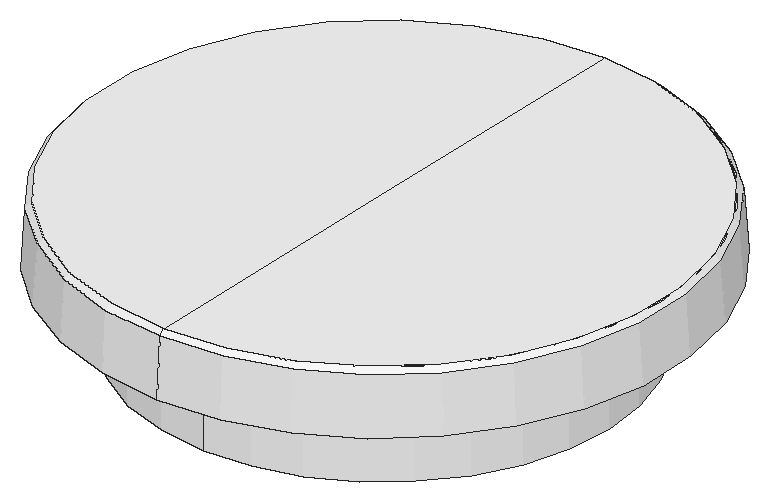
Revit family "CSensor-Lutron-Ceiling-QS_Series-QSM2-4W-C", category Lighting Devices, host Face, Revit 2021
Family settings
  Host = Face
  Maintain Annotation Orientation = Yes
  Round Connector Dimension = Use Diameter
  Part Type = Normal
  OmniClass Number = 23.85.80.11.27
  OmniClass Title = Lighting Controls
  Cut with Voids When Loaded = No
  Shared = No
  Room Calculation Point = No
Parameters (values of type "QSM2-4W-C")
  Width = 0' - 4 5/128"  # constant formula
  Warranty URL = "https://www.lutron.com/en-US/Service-Support/Pages/Service/Warranty/Warranty.aspx"
  Voltage Comments = "No line voltage connections are required because the QSM is powered by the QS Link."  # constant formula
  Voltage = 0 V  # constant formula
  Video Link = "https://www.youtube.com/user/LutronElectronicsInc"
  Version = "2021 - v1.0a"  # constant formula
  Support Phone = "(224) 699-9545"  # constant formula
  Support Email = "mailto: support@bimsmith.com"
  Sensor Type = "Occupancy/Vacancy"  # constant formula
  Sensor Area Visibility [instance] = yes
  Recommended Mounting Height [instance] = "QSM units should be mounted in the middle of non-metal ceiling tile or drywall, visible from inside the space. Installation near metal other than a junction box may reduce RF range."  # constant formula
  Product Page URL = "https://www.lutron.com/en-US/Products/Pages/Components/QSSensorModule/Overview.aspx"
  Product Name = "QS Sensor Module"  # constant formula
  Product Documentation Link = "https://assets.lutron.com/a/documents/369242_english.pdf"
  Performance URL = "https://www.lutron.com/en-US/Service-Support/Pages/Technical/PerfomanceSpecs.aspx"
  Minimum Operating Temperature = 32 °F  # constant formula
  Maximum Operating Temperature = 104 °F  # constant formula
  Manufacturer Phone Number = "610-282-3800"  # constant formula
  Manufacturer Fax Number = "610-282-1243"  # constant formula
  Manufacturer Email = "mailto:support@lutron.com"
  Manufacturer Address = "7200 Suter Rd, Coopersburg, PA 18036"  # constant formula
  URL = "http://www.lutron.com"
  Type Comments = ""
  Series = "QS Series"  # constant formula
  Sensor Material = Plastic - Lutron - White Gloss
  Model = "QSM2-4W-C"  # constant formula
  Manufacturer = "Lutron Electronics Co., Inc"  # constant formula
  Coverge Radius = 30' - 0"  # constant formula
  Coverage Range = "60 ft (18 m) line of sight - 30 ft (9 m) through walls"  # constant formula
  Length = 0' - 4 5/128"  # constant formula
  Keynote = "Division 11"
  Instruction Sheet Link = "https://assets.lutron.com/a/documents/041837.pdf"
  Finish = Plastic - Lutron - White Gloss
  Description = "Ceiling-mounted device that integrates Lutron wireless and wired sensors and controls through the QS communication link."  # constant formula
  Depth = 0' - 1 11/64"  # constant formula
  Default Elevation = 0' - 0"
  Coverage Area = "360˚ coverage ranges from 60 ft (18 m) line of sight to 30 ft (9 m) through walls"  # constant formula
  Coverage = 2827.00 SF  # constant formula
  Cost Info = "mailto:sales@lutron.com"
  Cost = 0
  Copyright = "© 2022 Lutron Electronics Co., Inc."  # constant formula
  C CP Right [instance] = 0' - 0"  # constant formula
  C CP Left [instance] = 0' - 0"  # constant formula
  C CP Height [instance] = 0' - 0"  # constant formula
  C CP Front [instance] = 0' - 0"  # constant formula
  C CP Back [instance] = 0' - 0"  # constant formula
  Assembly Code = "D5030800"
  Annotation Symbol Visibility [instance] = yes
Reference planes (in)
  plane 1 "Center (Front/Back)": y = 0
  plane 2: z = 0
  plane 3 "Center (Left/Right)": x = 0
  plane 4: y = 2.01953
  plane 5: y = -2.01953
  plane 6: x = 2.01953
  plane 7: x = -2.01953
  plane 8 "top": z = 0.42513
  plane 9: x = 0
  plane 10: x = 0
  plane 11: z = 0.42513
  plane 12: y = 0
  plane 13: y = 0
  plane 14: z = -0.74675
Forms (in)
  Revolve 1, solid, material "Plastic - Lutron - White Gloss" <- "Sensor Material", detail levels medium+fine
    sketch origin (0, 0, 0) x (0, 1, 0) y (0, 0, 1)
      loop
        line (0, -0.74675) -> (0, 0.42513) -> (-1.96514, 0.42513) -> (-1.99963, 0.39063) -> (-2.02695, 0) -> (-1.6025, 0) -> (-1.6025, -0.51563) -> (-0.6836, -0.51563) -> (-0.6836, -0.74675) -> (0, -0.74675)
      axis (0, 0.42513) -> (0, -0.74675)
    angle from 0 to 360
  Revolve 2, solid, material "Plastic - Lutron - White Gloss" <- "Sensor Material", detail levels coarse
    sketch origin (0, 0, 0) x (0, 1, 0) y (0, 0, 1)
      loop
        line (-0.6836, -0.51563) -> (-0.6836, -0.74675) -> (0, -0.74675) -> (0, 0.42513) -> (-1.99722, 0.42513) -> (-2.02695, 0) -> (-1.6025, 0) -> (-1.6025, -0.51563) -> (-0.6836, -0.51563)
      axis (0, 0.42513) -> (0, -0.74675)
    angle from 0 to 360
Lines and regions (in)
  model lines, detail levels medium+fine
    curve 1: circle (-0.35401, -0.72884, 0.42513) r 0.05409 normal (0, 0, 1)
    curve 2: circle (-0.35401, -1.26252, 0.42513) r 0.05409 normal (0, 0, 1)
    curve 3: circle (-0.35401, -0.98961, 0.42513) r 0.03727 normal (0, 0, 1)
  symbolic lines, style "Sensor Range"
    curve 4: circle (-0.016, 0.11813, 0) r 360 normal (0, 0, 1)
Dimensions and locks (in)
  "Width": plane 4 to plane 5
  equal spacing: plane 4, plane 1 "Center (Front/Back)", plane 5
  "Length": plane 7 to plane 6
  equal spacing: plane 7, plane 3 "Center (Left/Right)", plane 6
  "C CP Front": plane 1 "Center (Front/Back)" to plane 13
  "C CP Back": plane 12 to plane 1 "Center (Front/Back)"
  "C CP Height": plane 11 to plane 8 "top"
  "C CP Right": plane 10 to plane 3 "Center (Left/Right)"
  "C CP Left": plane 3 "Center (Left/Right)" to plane 9
  "Depth": plane 8 "top" to plane 14
  plane 14 to plane 2 = 0' - 0.74675"
  Revolve 2 sketch curve to plane 2 to Revolve 2 sketch curve to Revolve 2 sketch curve to Revolve 2 sketch curve = 0' - 0.42513" locked, 0' - 0" locked, 0' - 0 33/64" locked, 0' - 0.23112" locked
  plane 13 to Revolve 2 sketch curve to Revolve 2 sketch curve to Revolve 2 sketch curve to Revolve 2 sketch curve to Revolve 2 sketch curve = 0' - 0" locked, 0' - 0 175/256" locked, 0' - 0.9189" locked, 0' - 0.39472" locked, 0' - 0.02973" locked
  "Coverge Radius": radius of curve 4
  aligned and locked: plane 2 to host face
  aligned and locked: level to host face
Automatic sketch dimensions
  host sketch curve to host sketch curve = 8' - 0"  (x2)
  Revolve 2 sketch curve to plane 1 "Center (Front/Back)" = 0' - 0"
  Revolve 2 sketch curve to Revolve 2 sketch curve = 0' - 0.59894"
  plane 8 "top" to Revolve 2 sketch curve = 0' - 0.69728"
  Revolve 1 sketch curve to level = 0' - 0"
  Revolve 1 sketch curve to plane 8 "top" = 0' - 0"
  Revolve 1 sketch curve to plane 14 = 0' - 0"
  Revolve 1 sketch curve to plane 1 "Center (Front/Back)" = 0' - 0"  (x2)
  plane 5 to Revolve 1 sketch curve = 0' - 0.41703"
  plane 5 to Revolve 1 sketch curve = 0' - 0.05439"
  plane 5 to Revolve 1 sketch curve = 0' - 0.0199"
  Revolve 1 sketch curve to plane 5 = 0' - 0.00742"
  Revolve 1 sketch curve to plane 8 "top" = 0' - 0.0345"
  plane 1 "Center (Front/Back)" to Revolve 1 sketch curve = 0' - 0 175/256"
  Revolve 1 sketch curve to level = 0' - 0.17381"
  Revolve 1 sketch curve to Revolve 1 sketch curve = 0' - 0.69728"
  plane 14 to Revolve 1 sketch curve = 0' - 0.23112"
  curve 2 to Revolve 1 = 0' - 0.35401"
  curve 3 to curve 2 = 0' - 0"
  curve 1 to curve 3 = 0' - 0"
  curve 1 to curve 3 = 0' - 0.26077"
  curve 3 to curve 2 = 0' - 0.27291"
  curve 4 to plane 3 "Center (Left/Right)" = 0' - 0.016"
  curve 4 to plane 1 "Center (Front/Back)" = 0' - 0.11813"
  radius of curve 1 = 0' - 0.05409"
  radius of curve 2 = 0' - 0.05409"
  radius of curve 3 = 0' - 0.03727"
Nested families (in)
  nested 1: "Nested - Annotation - QSM" at (0, 0, 0), visible <- "Annotation Symbol Visibility", type "Default"
Connectors (in)
  electrical at (0, 0, -0.74675)
    settings: on Revolve 1, index 1, voltage 0 V, apparent load 0 VA, apparent load phase1 0 VA, apparent load phase2 0 VA, apparent load phase3 0 VA, power factor 1, load classification "Other", number of poles 1, system type 13, power factor state 1, is connector primary yes, connector utility no, sub classification motor no, connector description "Control Connector"
Definition of nested family "Nested - Annotation - QSM"
  Reference planes (in)
    plane 1 "Center (Front/Back)": y = 0
    plane 2: z = 0
    plane 3 "Center (Left/Right)": x = 0
  Lines and regions (in)
    Filled region 1, type "Solid Fill - Black", in view "Ref. Level"
      outline origin (7.52896, 12.22086, 0) x (1, 0, 0) y (0, 1, 0)
        loop
          line (-2.95437, -6.49006) -> (-3.54281, -5.91427) -> (-3.82437, -6.7906) -> (-2.95437, -6.49006)
    Filled region 2, type "Solid Fill - Black", in view "Ref. Level"
      outline origin (-115.23179, 66.41281, 0) x (1, 0, 0) y (0, 1, 0)
        loop
          arc (109.21225, -63.96023) -> (109.01024, -64.53069) -> (108.86217, -65.11748) r 6.5
          line (108.86217, -65.11748) -> (105.29192, -65.11748) -> (105.29192, -65.8074) -> (108.76005, -65.8074)
          arc (108.76005, -65.8074) -> (108.73185, -66.38592) -> (108.75526, -66.96465) r 6.5
          line (108.75526, -66.96465) -> (105.29192, -66.96465) -> (105.29192, -67.65458) -> (108.85151, -67.65458)
          arc (108.85151, -67.65458) -> (121.65266, -67.42394) -> (109.54192, -63.2703) r 6.5
          line (109.54192, -63.2703) -> (105.29192, -63.2703) -> (105.29192, -63.96023) -> (109.21225, -63.96023)
    Filled region 3, type "Solid Fill - White", in view "Ref. Level"
      outline origin (-115.23179, 66.41281, 0) x (1, 0, 0) y (0, 1, 0)
        loop
          spline (111.67541, -64.91228) -> (111.63662, -64.89351) -> (111.59633, -64.87636) -> (111.55453, -64.86085) -> (111.51123, -64.84697) -> (111.46642, -64.83472) -> (111.42011, -64.82411) -> (111.3723, -64.81513) -> (111.32297, -64.80778) -> (111.27215, -64.80207) -> (111.21982, -64.79799) -> (111.16598, -64.79554) -> (111.11064, -64.79472)
          spline (111.11064, -64.79472) -> (111.05531, -64.79558) -> (111.00152, -64.79818) -> (110.94924, -64.8025) -> (110.89847, -64.80855) -> (110.84922, -64.81633) -> (110.80145, -64.82584) -> (110.75518, -64.83708) -> (110.71039, -64.85004) -> (110.66707, -64.86474) -> (110.62521, -64.88116) -> (110.58481, -64.89932) -> (110.54586, -64.9192)
          arc (110.54586, -64.9192) -> (110.34014, -65.06487) -> (110.17549, -65.25576) r 1.04008
          spline (110.17549, -65.25576) -> (110.15224, -65.29157) -> (110.1301, -65.32831) -> (110.10909, -65.36598) -> (110.08921, -65.40457) -> (110.07046, -65.4441) -> (110.05284, -65.48455) -> (110.03636, -65.52593) -> (110.02102, -65.56824) -> (110.00682, -65.61148) -> (109.99376, -65.65565) -> (109.98186, -65.70074) -> (109.9711, -65.74677)
          arc (109.9711, -65.74677) -> (109.92439, -66.04094) -> (109.90963, -66.33844) r 2.76183
          arc (109.90963, -66.33844) -> (109.92279, -66.65448) -> (109.96649, -66.96776) r 3.26321
          spline (109.96649, -66.96776) -> (109.97662, -67.01505) -> (109.98782, -67.06125) -> (110.00007, -67.10638) -> (110.01339, -67.15044) -> (110.02778, -67.19343) -> (110.04323, -67.23535) -> (110.05976, -67.27622) -> (110.07737, -67.31604) -> (110.09605, -67.35481) -> (110.11581, -67.39255) -> (110.13666, -67.42924) -> (110.15859, -67.46491)
          arc (110.15859, -67.46491) -> (110.31788, -67.65188) -> (110.52051, -67.79071) r 0.93148
          spline (110.52051, -67.79071) -> (110.55915, -67.80912) -> (110.5994, -67.82593) -> (110.64124, -67.84114) -> (110.68469, -67.85475) -> (110.72974, -67.86675) -> (110.77638, -67.87716) -> (110.82463, -67.88596) -> (110.87448, -67.89317) -> (110.92593, -67.89877) -> (110.97899, -67.90277) -> (111.03364, -67.90517) -> (111.08989, -67.90597)
          spline (111.08989, -67.90597) -> (111.14563, -67.90509) -> (111.19989, -67.90246) -> (111.25267, -67.89806) -> (111.30396, -67.89191) -> (111.35376, -67.88402) -> (111.40205, -67.87437) -> (111.44885, -67.86298) -> (111.49413, -67.84985) -> (111.53789, -67.83498) -> (111.58014, -67.81837) -> (111.62086, -67.80003) -> (111.66005, -67.77996)
          arc (111.66005, -67.77996) -> (111.86781, -67.63278) -> (112.03272, -67.43879) r 1.02129
          spline (112.03272, -67.43879) -> (112.05577, -67.40258) -> (112.07767, -67.3654) -> (112.09843, -67.32727) -> (112.11804, -67.28818) -> (112.13651, -67.24813) -> (112.15384, -67.20711) -> (112.17003, -67.16514) -> (112.18509, -67.12221) -> (112.19902, -67.07831) -> (112.21182, -67.03345) -> (112.22349, -66.98764) -> (112.23404, -66.94086)
          arc (112.23404, -66.94086) -> (112.27959, -66.64274) -> (112.29398, -66.34151) r 2.90368
          arc (112.29398, -66.34151) -> (112.2805, -66.0338) -> (112.23558, -65.72909) r 3.00263
          spline (112.23558, -65.72909) -> (112.22524, -65.68254) -> (112.21381, -65.63701) -> (112.2013, -65.59251) -> (112.18771, -65.54903) -> (112.17304, -65.50658) -> (112.1573, -65.46515) -> (112.14048, -65.42474) -> (112.12259, -65.38536) -> (112.10364, -65.34701) -> (112.08362, -65.30968) -> (112.06254, -65.27337) -> (112.0404, -65.23809)
          arc (112.0404, -65.23809) -> (111.87946, -65.05105) -> (111.67541, -64.91228) r 0.94086
        loop
          arc (113.17072, -68.36701) -> (113.08598, -68.33151) -> (113.00244, -68.29325) r 2.79664
          line (113.00244, -68.29325) -> (112.72966, -68.14187) -> (112.34546, -67.86064)
          arc (112.34546, -67.86064) -> (112.46422, -67.71597) -> (112.56445, -67.55789) r 1.53175
          arc (112.56445, -67.55789) -> (112.65121, -67.37864) -> (112.7189, -67.19136) r 1.91613
          arc (112.7189, -67.19136) -> (112.77308, -66.98318) -> (112.8088, -66.77105) r 2.45086
          arc (112.8088, -66.77105) -> (112.83052, -66.53868) -> (112.83723, -66.3054) r 3.62646
          spline (112.83723, -66.3054) -> (112.8365, -66.22758) -> (112.83428, -66.15126) -> (112.83058, -66.07645) -> (112.8254, -66.00313) -> (112.81871, -65.9313) -> (112.81053, -65.86097) -> (112.80085, -65.79213) -> (112.78965, -65.72477) -> (112.77694, -65.65889) -> (112.76271, -65.5945) -> (112.74695, -65.53158) -> (112.72966, -65.47014)
          spline (112.72966, -65.47014) -> (112.71087, -65.41043) -> (112.6906, -65.35232) -> (112.66886, -65.29581) -> (112.64565, -65.2409) -> (112.62096, -65.1876) -> (112.5948, -65.13589) -> (112.56717, -65.08578) -> (112.53807, -65.03728) -> (112.5075, -64.99037) -> (112.47545, -64.94507) -> (112.44192, -64.90137) -> (112.40693, -64.85927)
          arc (112.40693, -64.85927) -> (112.16353, -64.63928) -> (111.8752, -64.48275) r 1.38423
          spline (111.8752, -64.48275) -> (111.82167, -64.46213) -> (111.76673, -64.4433) -> (111.71039, -64.42627) -> (111.65265, -64.41103) -> (111.59351, -64.39758) -> (111.53297, -64.38593) -> (111.47104, -64.37607) -> (111.40773, -64.368) -> (111.34302, -64.36173) -> (111.27693, -64.35724) -> (111.20946, -64.35455) -> (111.14061, -64.35366)
          spline (111.14061, -64.35366) -> (111.0674, -64.35465) -> (110.99571, -64.35762) -> (110.92553, -64.36258) -> (110.85687, -64.36951) -> (110.78973, -64.37841) -> (110.72413, -64.38929) -> (110.66007, -64.40214) -> (110.59755, -64.41695) -> (110.53657, -64.43373) -> (110.47715, -64.45246) -> (110.41929, -64.47316) -> (110.36298, -64.49581)
          arc (110.36298, -64.49581) -> (110.06131, -64.66594) -> (109.80743, -64.90153) r 1.48007
          spline (109.80743, -64.90153) -> (109.77114, -64.94609) -> (109.73641, -64.9922) -> (109.70324, -65.03984) -> (109.67162, -65.08902) -> (109.64155, -65.13973) -> (109.61303, -65.19198) -> (109.58603, -65.24577) -> (109.56058, -65.3011) -> (109.53664, -65.35796) -> (109.51423, -65.41636) -> (109.49333, -65.47629) -> (109.47395, -65.53776)
          spline (109.47395, -65.53776) -> (109.45627, -65.6008) -> (109.44014, -65.66506) -> (109.42554, -65.73054) -> (109.41247, -65.79723) -> (109.40095, -65.86513) -> (109.39096, -65.93426) -> (109.38251, -66.0046) -> (109.37559, -66.07616) -> (109.37021, -66.14893) -> (109.36637, -66.22292) -> (109.36406, -66.29813) -> (109.3633, -66.37455)
          spline (109.3633, -66.37455) -> (109.364, -66.45389) -> (109.36612, -66.53169) -> (109.36965, -66.60796) -> (109.37459, -66.68271) -> (109.38096, -66.75593) -> (109.38875, -66.82762) -> (109.39796, -66.89779) -> (109.4086, -66.96645) -> (109.42067, -67.03359) -> (109.43418, -67.09921) -> (109.44912, -67.16333) -> (109.46549, -67.22594)
          spline (109.46549, -67.22594) -> (109.48315, -67.28695) -> (109.50231, -67.34626) -> (109.52297, -67.40387) -> (109.54512, -67.45979) -> (109.56877, -67.51401) -> (109.59391, -67.56653) -> (109.62054, -67.61736) -> (109.64866, -67.66649) -> (109.67826, -67.71392) -> (109.70934, -67.75966) -> (109.74189, -67.8037) -> (109.77593, -67.84604)
          arc (109.77593, -67.84604) -> (110.01661, -68.06813) -> (110.30459, -68.22409) r 1.31939
          spline (110.30459, -68.22409) -> (110.35863, -68.24471) -> (110.41434, -68.26354) -> (110.47171, -68.28057) -> (110.53075, -68.29581) -> (110.59146, -68.30926) -> (110.65382, -68.32091) -> (110.71786, -68.33077) -> (110.78356, -68.33884) -> (110.85092, -68.34511) -> (110.91995, -68.3496) -> (110.99064, -68.35229) -> (111.063, -68.35318)
          spline (111.063, -68.35318) -> (111.11205, -68.35273) -> (111.16008, -68.35138) -> (111.2071, -68.34912) -> (111.25311, -68.34595) -> (111.29811, -68.34187) -> (111.34212, -68.33685) -> (111.38513, -68.33091) -> (111.42716, -68.32404) -> (111.46821, -68.31623) -> (111.50828, -68.30747) -> (111.54738, -68.29776) -> (111.58551, -68.2871)
          spline (111.58551, -68.2871) -> (111.62244, -68.27598) -> (111.65831, -68.2645) -> (111.69311, -68.25268) -> (111.72684, -68.24051) -> (111.75949, -68.22801) -> (111.79106, -68.21516) -> (111.82154, -68.20198) -> (111.85092, -68.18846) -> (111.87921, -68.17461) -> (111.90639, -68.16044) -> (111.93246, -68.14594) -> (111.95742, -68.13112)
          arc (111.95742, -68.13112) -> (112.14337, -68.29698) -> (112.34238, -68.44693) r 3.01504
          arc (112.34238, -68.44693) -> (112.52549, -68.56604) -> (112.71429, -68.67591) r 4.39555
          arc (112.71429, -68.67591) -> (112.98169, -68.80434) -> (113.26319, -68.8979) r 2.33916
          line (113.26319, -68.8979) -> (113.3075, -68.75429) -> (113.31518, -68.63903) -> (113.30289, -68.49918) -> (113.26139, -68.41773) -> (113.17072, -68.36701)
        loop
          arc (115.50896, -65.05905) -> (115.52908, -65.05565) -> (115.54662, -65.04522) r 0.05561
          line (115.54662, -65.04522) -> (115.57197, -65.00372) -> (115.5858, -64.93303)
          arc (115.5858, -64.93303) -> (115.5894, -64.88507) -> (115.59041, -64.83698) r 0.89397
          line (115.59041, -64.83698) -> (115.58734, -64.744)
          arc (115.58734, -64.744) -> (115.58372, -64.71312) -> (115.57812, -64.68253) r 0.48093
          line (115.57812, -64.68253) -> (115.56352, -64.64027) -> (115.52587, -64.59494) -> (115.40677, -64.5204) -> (115.2016, -64.43588)
          arc (115.2016, -64.43588) -> (115.07934, -64.40151) -> (114.95495, -64.37594) r 1.78149
          arc (114.95495, -64.37594) -> (114.82558, -64.3591) -> (114.69523, -64.35366) r 1.48845
          arc (114.69523, -64.35366) -> (114.4579, -64.36954) -> (114.22574, -64.42128) r 1.56171
          arc (114.22574, -64.42128) -> (114.02824, -64.50125) -> (113.84999, -64.61799) r 1.09392
          arc (113.84999, -64.61799) -> (113.70848, -64.76353) -> (113.6041, -64.93764) r 0.87975
          spline (113.6041, -64.93764) -> (113.58992, -64.96971) -> (113.57695, -65.00251) -> (113.56521, -65.03606) -> (113.55469, -65.07035) -> (113.5454, -65.10538) -> (113.53734, -65.14117) -> (113.53052, -65.17771) -> (113.52493, -65.21501) -> (113.52057, -65.25306) -> (113.51746, -65.29187) -> (113.51559, -65.33145) -> (113.51496, -65.37179)
          spline (113.51496, -65.37179) -> (113.51551, -65.41072) -> (113.51713, -65.44875) -> (113.51984, -65.48587) -> (113.52362, -65.52208) -> (113.52846, -65.55737) -> (113.53437, -65.59174) -> (113.54133, -65.62518) -> (113.54934, -65.65769) -> (113.5584, -65.68926) -> (113.5685, -65.71988) -> (113.57964, -65.74955) -> (113.5918, -65.77827)
          arc (113.5918, -65.77827) -> (113.6785, -65.9351) -> (113.79159, -66.07411) r 1.00841
          arc (113.79159, -66.07411) -> (113.92392, -66.19269) -> (114.07052, -66.2931) r 1.36616
          arc (114.07052, -66.2931) -> (114.22889, -66.38222) -> (114.39171, -66.46292) r 3.46601
          line (114.39171, -66.46292) -> (114.71521, -66.61352)
          arc (114.71521, -66.61352) -> (114.85928, -66.68794) -> (114.99567, -66.77566) r 1.7114
          arc (114.99567, -66.77566) -> (115.10466, -66.86871) -> (115.19392, -66.98082) r 0.74865
          spline (115.19392, -66.98082) -> (115.20589, -67.00073) -> (115.21684, -67.0213) -> (115.22676, -67.04251) -> (115.23564, -67.06438) -> (115.24349, -67.08691) -> (115.2503, -67.1101) -> (115.25607, -67.13397) -> (115.2608, -67.15852) -> (115.26448, -67.18375) -> (115.26711, -67.20967) -> (115.2687, -67.23628) -> (115.26922, -67.26359)
          spline (115.26922, -67.26359) -> (115.26884, -67.2889) -> (115.26769, -67.31373) -> (115.26578, -67.33809) -> (115.2631, -67.36197) -> (115.25967, -67.38539) -> (115.25549, -67.40834) -> (115.25055, -67.43082) -> (115.24486, -67.45285) -> (115.23843, -67.47441) -> (115.23125, -67.49552) -> (115.22333, -67.51617) -> (115.21467, -67.53637)
          arc (115.21467, -67.53637) -> (115.14932, -67.64685) -> (115.06022, -67.73923) r 0.55168
          spline (115.06022, -67.73923) -> (115.04323, -67.75279) -> (115.0257, -67.76581) -> (115.00762, -67.77829) -> (114.98898, -67.79023) -> (114.9698, -67.80164) -> (114.95005, -67.81252) -> (114.92974, -67.82287) -> (114.90887, -67.83269) -> (114.88744, -67.84199) -> (114.86543, -67.85077) -> (114.84286, -67.85904) -> (114.81971, -67.86679)
          arc (114.81971, -67.86679) -> (114.66781, -67.90151) -> (114.51235, -67.91212) r 0.99639
          spline (114.51235, -67.91212) -> (114.47564, -67.91175) -> (114.43967, -67.91065) -> (114.40444, -67.90881) -> (114.36994, -67.90623) -> (114.33618, -67.90292) -> (114.30315, -67.89887) -> (114.27086, -67.89408) -> (114.23931, -67.88856) -> (114.20849, -67.8823) -> (114.17841, -67.8753) -> (114.14907, -67.86757) -> (114.12046, -67.8591)
          line (114.12046, -67.8591) -> (113.83078, -67.74691) -> (113.63407, -67.6355) -> (113.51496, -67.58478) -> (113.47347, -67.59554) -> (113.44273, -67.63242) -> (113.42506, -67.70312)
          arc (113.42506, -67.70312) -> (113.42023, -67.75796) -> (113.41891, -67.813) r 0.86052
          line (113.41891, -67.813) -> (113.43582, -67.9613) -> (113.48653, -68.05351) -> (113.60948, -68.14034) -> (113.82924, -68.23946)
          arc (113.82924, -68.23946) -> (113.97627, -68.2859) -> (114.12661, -68.32014) r 1.87967
          arc (114.12661, -68.32014) -> (114.30675, -68.34564) -> (114.48853, -68.35318) r 1.83581
          arc (114.48853, -68.35318) -> (114.75175, -68.33559) -> (115.00936, -68.27869) r 1.7533
          arc (115.00936, -68.27869) -> (115.23071, -68.18732) -> (115.42982, -68.05428) r 1.21383
          arc (115.42982, -68.05428) -> (115.5895, -67.88932) -> (115.70875, -67.69313) r 1.0316
          spline (115.70875, -67.69313) -> (115.72493, -67.65717) -> (115.73968, -67.62038) -> (115.753, -67.58275) -> (115.7649, -67.54428) -> (115.77537, -67.50497) -> (115.78444, -67.46482) -> (115.79209, -67.42381) -> (115.79834, -67.38195) -> (115.80319, -67.33924) -> (115.80665, -67.29568) -> (115.80872, -67.25125) -> (115.80941, -67.20596)
          spline (115.80941, -67.20596) -> (115.80888, -67.16796) -> (115.8073, -67.13079) -> (115.80465, -67.09446) -> (115.80096, -67.05897) -> (115.7962, -67.02432) -> (115.79039, -66.99052) -> (115.78352, -66.95757) -> (115.7756, -66.92547) -> (115.76662, -66.89422) -> (115.75658, -66.86383) -> (115.74549, -66.83429) -> (115.73334, -66.80562)
          arc (115.73334, -66.80562) -> (115.6461, -66.64929) -> (115.53202, -66.51133) r 0.98538
          arc (115.53202, -66.51133) -> (115.39697, -66.39374) -> (115.24779, -66.29468) r 1.37593
          arc (115.24779, -66.29468) -> (115.0874, -66.20709) -> (114.92344, -66.12636) r 4.31786
          line (114.92344, -66.12636) -> (114.59918, -65.97498)
          arc (114.59918, -65.97498) -> (114.45358, -65.89894) -> (114.31564, -65.80978) r 1.7756
          spline (114.31564, -65.80978) -> (114.29523, -65.7946) -> (114.27549, -65.77904) -> (114.25644, -65.7631) -> (114.23806, -65.74677) -> (114.22036, -65.73006) -> (114.20336, -65.71296) -> (114.18704, -65.69548) -> (114.17141, -65.67761) -> (114.15647, -65.65936) -> (114.14223, -65.64073) -> (114.12869, -65.62171) -> (114.11585, -65.60231)
          spline (114.11585, -65.60231) -> (114.10388, -65.58259) -> (114.09293, -65.56222) -> (114.08302, -65.54122) -> (114.07413, -65.51958) -> (114.06628, -65.49729) -> (114.05947, -65.47437) -> (114.0537, -65.45081) -> (114.04897, -65.4266) -> (114.04529, -65.40176) -> (114.04266, -65.37627) -> (114.04108, -65.35014) -> (114.04055, -65.32338)
          arc (114.04055, -65.32338) -> (114.05016, -65.21625) -> (114.07974, -65.11284) r 0.56935
          arc (114.07974, -65.11284) -> (114.12844, -65.0209) -> (114.19654, -64.94225) r 0.46044
          spline (114.19654, -64.94225) -> (114.20989, -64.93036) -> (114.22381, -64.91888) -> (114.23832, -64.90781) -> (114.2534, -64.89714) -> (114.26905, -64.88689) -> (114.28529, -64.87703) -> (114.30209, -64.86758) -> (114.31948, -64.85853) -> (114.33744, -64.84986) -> (114.35598, -64.8416) -> (114.37509, -64.83372) -> (114.39478, -64.82622)
          spline (114.39478, -64.82622) -> (114.41523, -64.81924) -> (114.43622, -64.8129) -> (114.45777, -64.80718) -> (114.47988, -64.80209) -> (114.50255, -64.79762) -> (114.5258, -64.79376) -> (114.54962, -64.79051) -> (114.57402, -64.78786) -> (114.59901, -64.78581) -> (114.62459, -64.78435) -> (114.65077, -64.78348) -> (114.67755, -64.78319)
          spline (114.67755, -64.78319) -> (114.70632, -64.78348) -> (114.73461, -64.78435) -> (114.76241, -64.78581) -> (114.78974, -64.78786) -> (114.81659, -64.79051) -> (114.84295, -64.79376) -> (114.86884, -64.79762) -> (114.89424, -64.80209) -> (114.91917, -64.80718) -> (114.94361, -64.8129) -> (114.96758, -64.81924) -> (114.99106, -64.82622)
          arc (114.99106, -64.82622) -> (115.11404, -64.86933) -> (115.23311, -64.92227) r 1.6035
          arc (115.23311, -64.92227) -> (115.32007, -64.96859) -> (115.406, -65.01679) r 4.52639
          line (115.406, -65.01679) -> (115.50896, -65.05905)
        loop
          line (120.24692, -64.83391) -> (118.87763, -68.23331) -> (118.85151, -68.26943) -> (118.80387, -68.29478) -> (118.72856, -68.31015)
          arc (118.72856, -68.31015) -> (118.67676, -68.31379) -> (118.62483, -68.31476) r 1.00763
          arc (118.62483, -68.31476) -> (118.57094, -68.31338) -> (118.51725, -68.30862) r 0.85685
          arc (118.51725, -68.30862) -> (118.47917, -68.30208) -> (118.44195, -68.29171) r 0.38079
          line (118.44195, -68.29171) -> (118.39508, -68.26635) -> (118.37279, -68.23331) -> (117.06037, -64.82593) -> (117.06037, -68.21794) -> (117.04807, -68.26021) -> (117.00504, -68.28864) -> (116.92436, -68.30708)
          arc (116.92436, -68.30708) -> (116.8611, -68.31309) -> (116.79757, -68.31476) r 0.93091
          arc (116.79757, -68.31476) -> (116.73558, -68.31304) -> (116.67386, -68.30708) r 0.9069
          line (116.67386, -68.30708) -> (116.59471, -68.28864) -> (116.55476, -68.26021) -> (116.544, -68.21794) -> (116.544, -64.64488)
          spline (116.544, -64.64488) -> (116.54446, -64.62426) -> (116.54586, -64.60466) -> (116.54818, -64.58609) -> (116.55143, -64.56852) -> (116.55561, -64.55198) -> (116.56071, -64.53644) -> (116.56675, -64.52191) -> (116.57371, -64.50839) -> (116.5816, -64.49587) -> (116.59042, -64.48435) -> (116.60017, -64.47383) -> (116.61085, -64.46431)
          arc (116.61085, -64.46431) -> (116.681, -64.42413) -> (116.76069, -64.41052) r 0.23157
          line (116.76069, -64.41052) -> (117.07727, -64.41052) -> (117.24862, -64.42819) -> (117.37618, -64.48582)
          arc (117.37618, -64.48582) -> (117.42742, -64.53029) -> (117.46762, -64.58495) r 0.30648
          line (117.46762, -64.58495) -> (117.53216, -64.72556) -> (118.65041, -67.55753) -> (119.81431, -64.73478) -> (119.88731, -64.58187) -> (119.97414, -64.48121)
          arc (119.97414, -64.48121) -> (120.02417, -64.4489) -> (120.07941, -64.42666) r 0.31299
          line (120.07941, -64.42666) -> (120.21388, -64.41052) -> (120.5466, -64.41052)
          arc (120.5466, -64.41052) -> (120.59051, -64.41378) -> (120.63343, -64.42358) r 0.29311
          line (120.63343, -64.42358) -> (120.70335, -64.46584) -> (120.75099, -64.53807) -> (120.76944, -64.64488) -> (120.76944, -68.21794) -> (120.75714, -68.26021) -> (120.71334, -68.28864) -> (120.63497, -68.30708)
          arc (120.63497, -68.30708) -> (120.57248, -68.31311) -> (120.50972, -68.31476) r 0.89793
          arc (120.50972, -68.31476) -> (120.4485, -68.31298) -> (120.38754, -68.30708) r 0.90808
          line (120.38754, -68.30708) -> (120.30686, -68.28864) -> (120.26536, -68.26021) -> (120.25307, -68.21794) -> (120.25307, -64.83391)
    detail lines, in view "Ref. Level"
      curve 1: line (5.90803, 7.91687, 0) -> (4.27511, 6.02384, 0)
